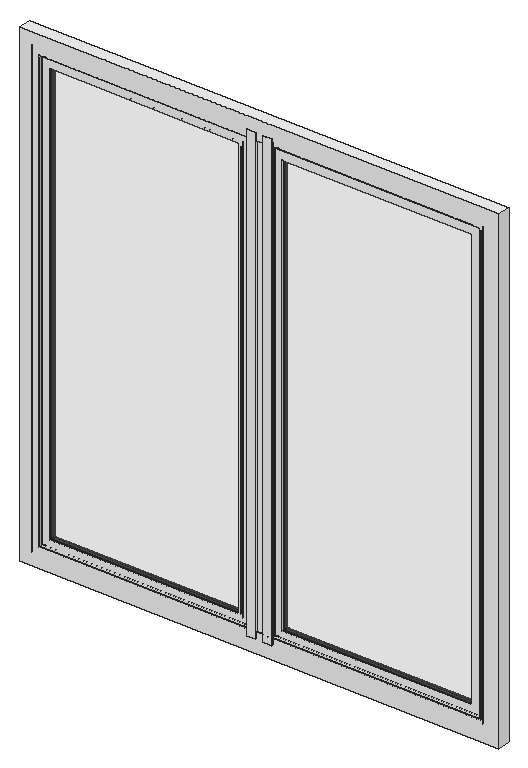
Revit family
Parameters (values of type "SHH1212")
  Height = 1190 mm
  Head Height = 2125 mm
  Default Sill Height = Head Height - Height  # 935 mm
  Wall Closure = (empty or 0)
  Width = 1190 mm
Types (3, lengths in mm): name | Height | Default Sill Height
  (no name) | 1190 | 935
  SHH1209 | 890 | 1235
  SHH1212 | 1190 | 935
Reference planes
  plane 1 "Center (Front/Back)": y = 0
  plane 2 "Center (Left/Right)": x = 0
  plane 3 "Left": x = -595
  plane 4 "Right": x = 595
  plane 5 "Sill": z = 935
  plane 6 "Head": z = 2125
  plane 7 "Exterior": y = 100
  plane 8 "Interior": y = -100
  plane 9: y = -30.5
  plane 10: x = 0
  plane 11: z = 1530
Forms (mm)
  Sweep 1, solid, material "Default Frame"
    path origin (0, 100, 0) x (1, 0, 0) y (0, 0, 1)
      loop
        line (595, 2125) -> (-595, 2125) -> (-595, 935) -> (595, 935) -> (595, 2125)
    profile origin (0, 100, 2125) x (0, 0, -1) y (0, -1, 0)
      loop
        line (0, 115.25) -> (0, 84.75) -> (30.58, 84.75) -> (30.58, 87.464) -> (28.08, 86.021) -> (28.08, 113.85) -> (39.575, 113.85) -> (39.575, 111.85) -> (46.275, 111.85)
        arc (46.275, 111.85) -> (46.875, 111.25) -> (47.475, 111.85) r 0.6
        line (47.475, 111.85) -> (47.475, 115.25) -> (0, 115.25)
  Extrusion 2, solid, material "Glass"
    sketch origin (0, 0.5, -55.92) x (1, 0, 0) y (0, 0, 1)
      loop
        line (-39.24, 2125.04) -> (-539.12, 2125.04) -> (-539.12, 1046.76) -> (-39.24, 1046.76) -> (-39.24, 2125.04)
    from 0 to 3
  Sweep 3, solid, material "Default Frame"
    path origin (-2150, 100, 1819.513) x (0, 0, -1) y (1, 0, 0)
      loop
        line (853.933, 2175) -> (-274.907, 2175)
    profile origin (25, 100, 1530) x (-1, 0, 0) y (0, -1, 0)
      loop
        line (-5.9, 115.25) -> (-5.9, 111.85)
        arc (-5.9, 111.85) -> (-5.3, 111.25) -> (-4.7, 111.85) r 0.6
        line (-4.7, 111.85) -> (2, 111.85) -> (2, 113.85) -> (13.5, 113.85) -> (13.5, 86.026) -> (11, 87.47) -> (11, 84.75) -> (39, 84.75) -> (39, 87.47) -> (36.5, 86.026) -> (36.5, 113.85) -> (48, 113.85) -> (48, 111.85) -> (54.7, 111.85)
        arc (54.7, 111.85) -> (55.3, 111.25) -> (55.9, 111.85) r 0.6
        line (55.9, 111.85) -> (55.9, 115.25) -> (34.5, 115.25) -> (34.5, 111.07) -> (15.5, 111.07) -> (15.5, 115.25) -> (-5.9, 115.25)
  Extrusion 4, solid, material "Glass"
    sketch origin (0, 0.5, 49.432) x (-1, 0, 0) y (0, 0, -1)
      loop
        line (-39.24, -2019.688) -> (-39.24, -941.408) -> (-539.12, -941.408) -> (-539.12, -2019.688) -> (-39.24, -2019.688)
    from 0 to 3
  Sweep 5, solid, material "Default Frame"
    path origin (50, -100, -50) x (-1, 0, 0) y (0, 0, 1)
      loop
        line (16.64, 2125) -> (-495, 2125) -> (-495, 1034.96) -> (16.64, 1034.96) -> (16.64, 2125)
    profile origin (289.18, -100, 2075) x (0, 0, -1) y (0, 1, 0)
      loop
        line (2.36, 95.735) -> (2.36, 105.637) -> (5.88, 105.637) -> (5.88, 104.637) -> (17.687, 104.637) -> (17.687, 105.637) -> (4.719, 118.735) -> (3.26, 118.735) -> (3.26, 116.536) -> (1.26, 117.263) -> (1.26, 91.035)
        arc (1.26, 91.035) -> (1.541, 90.736) -> (1.858, 90.997) r 0.3
        line (1.858, 90.997) -> (2.36, 95.735)
  Sweep 6, solid, material "Default Frame"
    path origin (50, -100, -50) x (-1, 0, 0) y (0, 0, 1)
      loop
        line (16.6, 2125) -> (-495, 2125) -> (-495, 1035) -> (16.6, 1035) -> (16.6, 2125)
    profile origin (289.2, -100, 2075) x (0, 0, -1) y (0, 1, 0)
      loop
        line (-10.425, 88.75) -> (20.155, 88.75) -> (20.155, 92.15)
        arc (20.155, 92.15) -> (19.555, 92.75) -> (18.955, 92.15) r 0.6
        line (18.955, 92.15) -> (12.255, 92.15) -> (12.255, 90.15) -> (0.76, 90.15) -> (0.76, 117.979) -> (3.26, 116.536) -> (3.26, 119.25) -> (-27.32, 119.25) -> (-27.32, 115.85)
        arc (-27.32, 115.85) -> (-26.72, 115.25) -> (-26.12, 115.85) r 0.6
        line (-26.12, 115.85) -> (-19.42, 115.85) -> (-19.42, 117.85) -> (-7.92, 117.85) -> (-7.92, 90.018) -> (-10.425, 91.464) -> (-10.425, 88.75)
  Sweep 7, solid, material "Rubber seal"
    path origin (50, -100, -50) x (-1, 0, 0) y (0, 0, 1)
      loop
        line (16.64, 2125) -> (-495, 2125) -> (-495, 1034.96) -> (16.64, 1034.96) -> (16.64, 2125)
    profile origin (289.18, -100, 2075) x (0, 0, -1) y (0, 1, 0)
      loop
        line (18.698, 104.637) -> (12.329, 104.637) -> (12.329, 100.5) -> (22.835, 100.5) -> (18.698, 104.637)
      loop
        line (22.835, 97.5) -> (12.329, 97.5) -> (12.329, 92.75) -> (19.555, 92.75) -> (22.835, 97.5)
  Sweep 8, solid, material "Default Frame"
    path origin (-50, -100, -50) x (1, 0, 0) y (0, 0, -1)
      loop
        line (16.64, -2125) -> (16.64, -1034.96) -> (-495, -1034.96) -> (-495, -2125) -> (16.64, -2125)
    profile origin (-289.18, -100, 2075) x (0, 0, 1) y (0, 1, 0)
      loop
        line (-2.36, 95.735) -> (-1.858, 90.997)
        arc (-1.858, 90.997) -> (-1.541, 90.736) -> (-1.26, 91.035) r 0.3
        line (-1.26, 91.035) -> (-1.26, 117.263) -> (-3.26, 116.536) -> (-3.26, 118.735) -> (-4.719, 118.735) -> (-17.687, 105.637) -> (-17.687, 104.637) -> (-5.88, 104.637) -> (-5.88, 105.637) -> (-2.36, 105.637) -> (-2.36, 95.735)
  Sweep 9, solid, material "Default Frame"
    path origin (-50, -100, -50) x (1, 0, 0) y (0, 0, -1)
      loop
        line (16.6, -2125) -> (16.6, -1035) -> (-495, -1035) -> (-495, -2125) -> (16.6, -2125)
    profile origin (-289.2, -100, 2075) x (0, 0, 1) y (0, 1, 0)
      loop
        line (10.425, 88.75) -> (10.425, 91.464) -> (7.92, 90.018) -> (7.92, 117.85) -> (19.42, 117.85) -> (19.42, 115.85) -> (26.12, 115.85)
        arc (26.12, 115.85) -> (26.72, 115.25) -> (27.32, 115.85) r 0.6
        line (27.32, 115.85) -> (27.32, 119.25) -> (-3.26, 119.25) -> (-3.26, 116.536) -> (-0.76, 117.979) -> (-0.76, 90.15) -> (-12.255, 90.15) -> (-12.255, 92.15) -> (-18.955, 92.15)
        arc (-18.955, 92.15) -> (-19.555, 92.75) -> (-20.155, 92.15) r 0.6
        line (-20.155, 92.15) -> (-20.155, 88.75) -> (10.425, 88.75)
  Sweep 10, solid, material "Rubber seal"
    path origin (-50, -100, -50) x (1, 0, 0) y (0, 0, -1)
      loop
        line (16.64, -2125) -> (16.64, -1034.96) -> (-495, -1034.96) -> (-495, -2125) -> (16.64, -2125)
    profile origin (-289.18, -100, 2075) x (0, 0, 1) y (0, 1, 0)
      loop
        line (-18.698, 104.637) -> (-22.835, 100.5) -> (-12.329, 100.5) -> (-12.329, 104.637) -> (-18.698, 104.637)
      loop
        line (-22.835, 97.5) -> (-19.555, 92.75) -> (-12.329, 92.75) -> (-12.329, 97.5) -> (-22.835, 97.5)
Lines and regions (mm)
  Opening 1
    outline origin (3500, -100, 0) x (1, 0, 0) y (0, 0, 1)
      loop
        line (-2905, 935) -> (-2905, 2125) -> (-4095, 2125) -> (-4095, 935) -> (-2905, 935)
  symbolic lines, style "Elevation Swing"
    curve 1: line (-6.08, 38.5, 1530) -> (-572.337, 38.5, 957.663)
    curve 2: line (-6.08, 38.5, 1530) -> (-572.32, 38.5, 2102.32)
    curve 3: line (6.08, 38.5, 1530) -> (572.32, 38.5, 957.68)
    curve 4: line (6.08, 38.5, 1530) -> (572.337, 38.5, 2102.337)
Text (mm)
  text "EXTERIOR" at (-1963.203, 1332.353, 0), in view "Ref. Level"
  text "INTERIOR" at (-1981.466, -818.386, 0), in view "Ref. Level"
  text "Exterior" at (0, 923.751, 2943.296), in view "Right"
  text "Exterior" at (0, 1040.484, 2685.409), in view "Left"
Dimensions and locks
  equal spacing: plane 3 "Left", plane 2 "Center (Left/Right)", plane 4 "Right"
  "Width": plane 3 "Left" to plane 4 "Right"
  "Height": plane 5 "Sill" to plane 6 "Head"
  "Default Sill Height": plane 5 "Sill" to level
  locked: plane 7 "Exterior" to host wall at 0
  locked: plane 8 "Interior" to host wall
  equal spacing: plane 3 "Left", plane 10, plane 4 "Right"
  equal spacing: plane 5 "Sill", plane 11, plane 6 "Head"
  Sweep 6 sketch curve to Sweep 3 = 19.4 mm
  Sweep 6 to Sweep 5 sketch curve = 3.3 mm
  Sweep 5 sketch curve to Sweep 6 = 3.3 mm
  Sweep 6 to Sweep 7 sketch curve = 3.3 mm
  Sweep 7 sketch curve to Sweep 6 = 3.3 mm
  Sweep 9 to Sweep 8 sketch curve = 3.3 mm  (x2)
  Sweep 9 to Sweep 10 sketch curve = 3.3 mm  (x2)
  aligned and locked: plane 11 to curve 4
  aligned and locked: curve 4 to Sweep 6
  aligned and locked: curve 1 to Sweep 9
  aligned: curve 2 to Sweep 9
Automatic sketch dimensions
  Opening 1 sketch curve to plane 3 "Left" = 0 mm
  Opening 1 sketch curve to plane 4 "Right" = 0 mm
  Opening 1 sketch curve to plane 5 "Sill" = 0 mm
  Opening 1 sketch curve to plane 6 "Head" = 0 mm
  Sweep 1 sketch curve to plane 3 "Left" = 0 mm
  Sweep 1 sketch curve to plane 4 "Right" = 0 mm
  Sweep 1 sketch curve to plane 5 "Sill" = 0 mm
  Sweep 1 sketch curve to plane 6 "Head" = 0 mm
  Sweep 1 sketch curve to profile plane = 0 mm
  Sweep 1 sketch curve to profile plane = 28.08 mm
  Sweep 1 sketch curve to Sweep 1 sketch curve = 2.5 mm
  Sweep 1 sketch curve to Sweep 1 sketch curve = 11.495 mm
  Sweep 1 sketch curve to Sweep 1 sketch curve = 6.7 mm
  Sweep 1 sketch curve to Sweep 1 sketch curve = 0.6 mm
  profile plane to Sweep 1 sketch curve = 84.75 mm
  Sweep 1 sketch curve to Sweep 1 sketch curve = 1.271 mm
  Sweep 1 sketch curve to Sweep 1 sketch curve = 2.714 mm
  Sweep 1 sketch curve to Sweep 1 sketch curve = 24.386 mm
  Sweep 1 sketch curve to Sweep 1 sketch curve = 2 mm
  Sweep 1 sketch curve to Sweep 1 sketch curve = 3.4 mm
  Extrusion 2 sketch curve to plane 3 "Left" = 55.88 mm
  plane 2 "Center (Left/Right)" to Extrusion 2 sketch curve = 39.24 mm
  Extrusion 2 sketch curve to plane 5 "Sill" = 55.84 mm
  plane 6 "Head" to Extrusion 2 sketch curve = 55.88 mm
  plane 6 "Head" to Sweep 3 sketch curve = 30.58 mm
  Sweep 3 sketch curve to plane 5 "Sill" = 30.58 mm
  Sweep 3 sketch curve to plane 2 "Center (Left/Right)" = 25 mm
  profile plane to Sweep 3 sketch curve = 5.9 mm
  Sweep 3 sketch curve to Sweep 3 sketch curve = 0.6 mm  (x2)
  Sweep 3 sketch curve to profile plane = 2 mm
  Sweep 3 sketch curve to profile plane = 11 mm
  Sweep 3 sketch curve to Sweep 3 sketch curve = 2.5 mm  (x2)
  Sweep 3 sketch curve to Sweep 3 sketch curve = 2 mm  (x4)
  Sweep 3 sketch curve to Sweep 3 sketch curve = 19 mm
  Sweep 3 sketch curve to Sweep 3 sketch curve = 11.5 mm
  Sweep 3 sketch curve to Sweep 3 sketch curve = 6.7 mm
  profile plane to Sweep 3 sketch curve = 84.75 mm
  Sweep 3 sketch curve to Sweep 3 sketch curve = 1.276 mm  (x2)
  Sweep 3 sketch curve to Sweep 3 sketch curve = 2.72 mm  (x2)
  Sweep 3 sketch curve to Sweep 3 sketch curve = 23.6 mm
  Sweep 3 sketch curve to Sweep 3 sketch curve = 0.78 mm  (x2)
  Sweep 3 sketch curve to Sweep 3 sketch curve = 3.4 mm  (x2)
  plane 4 "Right" to Extrusion 4 sketch curve = 55.88 mm
  Extrusion 4 sketch curve to plane 2 "Center (Left/Right)" = 39.24 mm
  plane 6 "Head" to Extrusion 4 sketch curve = 55.88 mm
  Extrusion 4 sketch curve to plane 5 "Sill" = 55.84 mm
  plane 4 "Right" to Sweep 5 sketch curve = 50 mm
  Sweep 5 sketch curve to plane 2 "Center (Left/Right)" = 33.36 mm
  Sweep 5 sketch curve to plane 5 "Sill" = 49.96 mm
  plane 6 "Head" to Sweep 5 sketch curve = 50 mm
  Sweep 5 sketch curve to profile plane = 1.26 mm
  Sweep 5 sketch curve to Sweep 5 sketch curve = 0.3 mm
  Sweep 5 sketch curve to Sweep 5 sketch curve = 0.298 mm
  Sweep 5 sketch curve to profile plane = 2.36 mm
  Sweep 5 sketch curve to Sweep 5 sketch curve = 2 mm
  Sweep 5 sketch curve to Sweep 5 sketch curve = 1.459 mm
  Sweep 5 sketch curve to Sweep 5 sketch curve = 3.52 mm
  Sweep 5 sketch curve to Sweep 5 sketch curve = 11.806 mm
  profile plane to Sweep 5 sketch curve = 90.997 mm
  Sweep 5 sketch curve to Sweep 5 sketch curve = 4.738 mm
  Sweep 5 sketch curve to Sweep 5 sketch curve = 8.902 mm
  Sweep 5 sketch curve to Sweep 5 sketch curve = 1 mm  (x2)
  Sweep 5 sketch curve to Sweep 5 sketch curve = 10.899 mm
  Sweep 5 sketch curve to Sweep 5 sketch curve = 0.728 mm
  Sweep 5 sketch curve to Sweep 5 sketch curve = 2.2 mm
  plane 4 "Right" to Sweep 6 sketch curve = 50 mm
  Sweep 6 sketch curve to plane 5 "Sill" = 50 mm
  plane 6 "Head" to Sweep 6 sketch curve = 50 mm
  profile plane to Sweep 6 sketch curve = 27.32 mm
  Sweep 6 sketch curve to Sweep 6 sketch curve = 0.6 mm  (x2)
  Sweep 6 sketch curve to Sweep 6 sketch curve = 6.7 mm  (x2)
  profile plane to Sweep 6 sketch curve = 10.425 mm
  Sweep 6 sketch curve to Sweep 6 sketch curve = 2.505 mm
  Sweep 6 sketch curve to profile plane = 0.76 mm
  Sweep 6 sketch curve to Sweep 6 sketch curve = 2.5 mm
  Sweep 6 sketch curve to Sweep 6 sketch curve = 11.495 mm
  profile plane to Sweep 6 sketch curve = 88.75 mm
  Sweep 6 sketch curve to Sweep 6 sketch curve = 1.268 mm
  Sweep 6 sketch curve to Sweep 6 sketch curve = 1.4 mm
  Sweep 6 sketch curve to Sweep 6 sketch curve = 2.714 mm  (x2)
  Sweep 6 sketch curve to Sweep 6 sketch curve = 3.4 mm
  Sweep 6 sketch curve to Sweep 6 sketch curve = 24.386 mm
  Sweep 6 sketch curve to Sweep 6 sketch curve = 0.686 mm
  Sweep 6 sketch curve to Sweep 6 sketch curve = 2 mm
  Sweep 6 sketch curve to Sweep 6 sketch curve = 1.443 mm
  plane 4 "Right" to Sweep 7 sketch curve = 50 mm
  Sweep 7 sketch curve to plane 2 "Center (Left/Right)" = 33.36 mm
  Sweep 7 sketch curve to plane 5 "Sill" = 49.96 mm
  plane 6 "Head" to Sweep 7 sketch curve = 50 mm
  Sweep 7 sketch curve to profile plane = 12.329 mm
  Sweep 7 sketch curve to Sweep 7 sketch curve = 0 mm  (x2)
  Sweep 7 sketch curve to Sweep 7 sketch curve = 6.37 mm
  Sweep 7 sketch curve to Sweep 7 sketch curve = 7.226 mm
  Sweep 7 sketch curve to Sweep 7 sketch curve = 4.137 mm  (x2)
  profile plane to Sweep 7 sketch curve = 92.75 mm
  Sweep 7 sketch curve to Sweep 7 sketch curve = 4.75 mm
  Sweep 7 sketch curve to Sweep 7 sketch curve = 3 mm
  Sweep 8 sketch curve to plane 3 "Left" = 50 mm
  plane 2 "Center (Left/Right)" to Sweep 8 sketch curve = 33.36 mm
  plane 6 "Head" to Sweep 8 sketch curve = 50 mm
  Sweep 8 sketch curve to plane 5 "Sill" = 49.96 mm
  profile plane to Sweep 8 sketch curve = 17.687 mm
  profile plane to Sweep 8 sketch curve = 5.88 mm
  profile plane to Sweep 8 sketch curve = 4.719 mm
  Sweep 8 sketch curve to Sweep 8 sketch curve = 1.459 mm
  profile plane to Sweep 8 sketch curve = 2.36 mm
  profile plane to Sweep 8 sketch curve = 1.858 mm
  Sweep 8 sketch curve to Sweep 8 sketch curve = 0.298 mm
  Sweep 8 sketch curve to Sweep 8 sketch curve = 0.3 mm
  profile plane to Sweep 8 sketch curve = 90.997 mm
  Sweep 8 sketch curve to Sweep 8 sketch curve = 4.738 mm
  Sweep 8 sketch curve to Sweep 8 sketch curve = 8.902 mm
  Sweep 8 sketch curve to Sweep 8 sketch curve = 1 mm  (x2)
  Sweep 8 sketch curve to Sweep 8 sketch curve = 10.899 mm
  Sweep 8 sketch curve to Sweep 8 sketch curve = 0.728 mm
  Sweep 8 sketch curve to Sweep 8 sketch curve = 2.2 mm
  Sweep 9 sketch curve to plane 3 "Left" = 50 mm
  plane 2 "Center (Left/Right)" to Sweep 9 sketch curve = 33.4 mm
  plane 6 "Head" to Sweep 9 sketch curve = 50 mm
  Sweep 9 sketch curve to plane 5 "Sill" = 50 mm
  profile plane to Sweep 9 sketch curve = 20.155 mm
  Sweep 9 sketch curve to Sweep 9 sketch curve = 0.6 mm  (x2)
  Sweep 9 sketch curve to Sweep 9 sketch curve = 6.7 mm  (x2)
  profile plane to Sweep 9 sketch curve = 3.26 mm
  profile plane to Sweep 9 sketch curve = 0.76 mm
  Sweep 9 sketch curve to profile plane = 7.92 mm
  Sweep 9 sketch curve to Sweep 9 sketch curve = 2.505 mm
  Sweep 9 sketch curve to Sweep 9 sketch curve = 11.5 mm
  profile plane to Sweep 9 sketch curve = 88.75 mm
  Sweep 9 sketch curve to Sweep 9 sketch curve = 1.268 mm
  Sweep 9 sketch curve to Sweep 9 sketch curve = 1.4 mm
  Sweep 9 sketch curve to Sweep 9 sketch curve = 2.714 mm  (x2)
  Sweep 9 sketch curve to Sweep 9 sketch curve = 3.4 mm
  Sweep 9 sketch curve to Sweep 9 sketch curve = 24.386 mm
  Sweep 9 sketch curve to Sweep 9 sketch curve = 0.686 mm
  Sweep 9 sketch curve to Sweep 9 sketch curve = 2 mm
  Sweep 9 sketch curve to Sweep 9 sketch curve = 1.443 mm
  Sweep 10 sketch curve to plane 3 "Left" = 50 mm
  plane 2 "Center (Left/Right)" to Sweep 10 sketch curve = 33.36 mm
  plane 6 "Head" to Sweep 10 sketch curve = 50 mm
  Sweep 10 sketch curve to plane 5 "Sill" = 49.96 mm
  profile plane to Sweep 10 sketch curve = 22.835 mm
  Sweep 10 sketch curve to Sweep 10 sketch curve = 0 mm
  Sweep 10 sketch curve to Sweep 10 sketch curve = 3.28 mm
  Sweep 10 sketch curve to Sweep 10 sketch curve = 4.137 mm  (x2)
  Sweep 10 sketch curve to Sweep 10 sketch curve = 6.37 mm
  Sweep 10 sketch curve to Sweep 10 sketch curve = 7.226 mm
  profile plane to Sweep 10 sketch curve = 92.75 mm
  Sweep 10 sketch curve to Sweep 10 sketch curve = 4.75 mm
  Sweep 10 sketch curve to Sweep 10 sketch curve = 3 mm
  curve 2 to plane 11 = 0 mm
  plane 4 "Right" to curve 3 = 22.68 mm
  plane 4 "Right" to curve 4 = 22.663 mm
  curve 2 to plane 3 "Left" = 22.68 mm
  curve 1 to plane 3 "Left" = 22.663 mm
  curve 3 to plane 5 "Sill" = 22.68 mm
  curve 1 to plane 5 "Sill" = 22.663 mm
  plane 6 "Head" to curve 2 = 22.68 mm
  plane 6 "Head" to curve 4 = 22.663 mm
